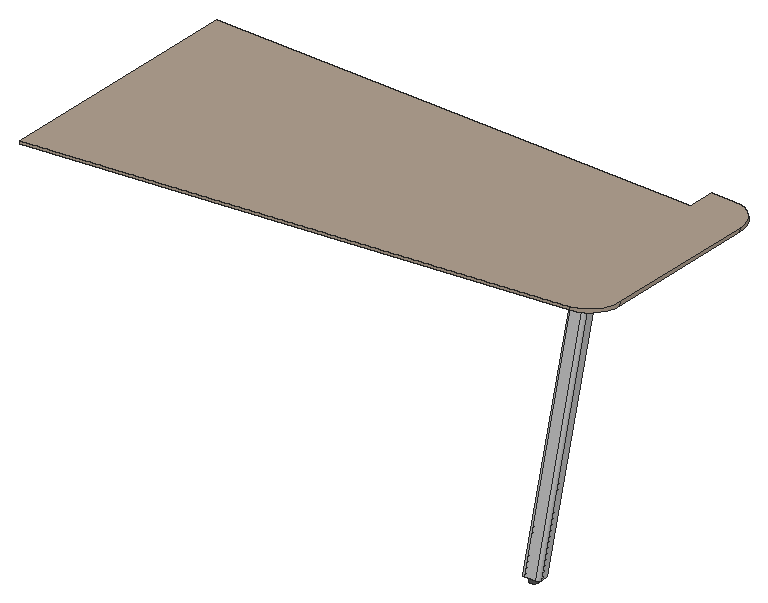
Revit family "Haworth_ActiveComponents_WedgeFullConferenceEnd_BUILD", category Furniture Systems, Revit 2015
Parameters (values of type "28d 60w - 54 Panel Width")
  Worksurface Finish [instance] = Haworth _ Wood _ Light Maple VP-LM
  With Leg = yes
  Width = 60"
  Warranty = "https://www.haworth.com/resources/product-info/warranties"
  URL - Product = "https://www.haworth.com/products/workspaces/accessories/active-components"
  URL = "www.haworth.com"
  Thickness = 1 3/16"  # constant formula
  Surface Angle = if(Actual Depth > 30", 9.00°, 7.00°)  # 7.00°
  Radius = 3 1/2"  # constant formula
  Overhang = Actual Width - Panel Width  # 6"
  Panel Width = 54"
  Overall Depth = Actual Depth + 3"  # 31"
  Min. Width = 60"  # constant formula
  Min. Depth = 28"  # constant formula
  Max. Width = 72"  # constant formula
  Size = "Verify Final Dim. w/ Haworth"  # constant formula
  Revision Number = "1"  # constant formula
  Model = "WAYD"  # constant formula
  Max. Depth = 36"  # constant formula
  Manufacturer = "Haworth"  # constant formula
  Leg Finish [instance] = Haworth _ Paint _ Metallic Champagne
  Inside Radius = 1 1/2"  # constant formula
  Description = "Haworth - Active Components - Wedge Full Conference End"  # constant formula
  Depth = 28"
  Column Leg Offset = if(Actual Width = 72", 8 15/16", 7 15/16")  # 7 15/16"
  Column Leg Control = and(With Leg, not(Angled Leg Control))  # no
  Author = "Haworth (Alias)"  # constant formula
  Assembly Code = "E2020200"
  Angled Leg Offset = 5 3/4"  # constant formula
  Angled Leg Control = and(With Leg, Overhang = 6")  # yes
  Actual Width = if(Width < Min. Width, Min. Width, if(Width > Max. Width, Max. Width, Width))  # 60"
  Actual Height = 29 3/16"  # constant formula
  Actual Depth = if(Depth < Min. Depth, Min. Depth, if(Depth > Max. Depth, Max. Depth, Depth))  # 28"
Types (8): name | Width | Surface Angle | Overhang | Panel Width | Overall Depth | Depth | Column Leg Offset | Column Leg Control | Angled Leg Control | Actual Width | Actual Depth
  36d 72w - 66 Panel Width | 72" | 9.00° | 6" | 66" | 39" | 36" | 8 15/16" | no | yes | 72" | 36"
  30d 72w - 66 Panel Width | 72" | 7.00° | 6" | 66" | 33" | 30" | 8 15/16" | no | yes | 72" | 30"
  28d 60w - 54 Panel Width | 60" | 7.00° | 6" | 54" | 31" | 28" | 7 15/16" | no | yes | 60" | 28"
  34d 60w - 54 Panel Width | 60" | 9.00° | 6" | 54" | 37" | 34" | 7 15/16" | no | yes | 60" | 34"
  36d 72w - 48 Panel Width | 72" | 9.00° | 24" | 48" | 39" | 36" | 8 15/16" | yes | no | 72" | 36"
  34d 60w - 42 Panel Width | 60" | 9.00° | 18" | 42" | 37" | 34" | 7 15/16" | yes | no | 60" | 34"
  30d 72w - 48 Panel Width | 72" | 7.00° | 24" | 48" | 33" | 30" | 8 15/16" | yes | no | 72" | 30"
  28d 60w - 42 Panel Width | 60" | 7.00° | 18" | 42" | 31" | 28" | 7 15/16" | yes | no | 60" | 28"
Reference planes (in)
  plane 1: z = 0
  plane 2 "Center L/R": x = 17.5
  plane 3 "Left Edge": x = -12.5
  plane 4 "Right Panel": x = 41.5
  plane 5 "Support Top": z = 29.1875
  plane 6 "Center F/B": y = -7.86431
  plane 7 "Back": y = 6.13569
  plane 8 "Front": y = -21.86431
  plane 9 "Knife Edge": y = -19.86431
  plane 10 "Knife Edge Seam": z = 28.8125
  plane 11: y = 9.13569
  plane 12 "Right Edge": x = 47.5
  plane 13 "Knife Edge 2": x = 45.5
  plane 14 "Knife Edge Back": y = 7.13569
  plane 15: z = 28
  plane 16: x = -14.5
  plane 17 "Angled Leg": x = 41.75
  plane 18 "Column Leg": x = 39.5625
Forms (in)
  Extrusion 1, solid, material "Haworth _ Wood _ Light Maple VP-LM" <- "Worksurface Finish"
    sketch origin (0, 0, 0) x (1, 0, 0) y (0, 1, 0)
      loop
        line (-12.5, 6.13569) -> (-12.5, -21.86431) -> (44.54752, -14.85976)
        arc (44.54752, -14.85976) -> (46.66142, -13.67591) -> (47.5, -11.40285) r 3.5
        line (47.5, -11.40285) -> (47.5, 5.63569)
        arc (47.5, 5.63569) -> (46.47487, 8.11056) -> (44, 9.13569) r 3.5
        line (44, 9.13569) -> (41.5, 9.13569) -> (41.5, 6.13569) -> (-12.5, 6.13569)
    from 28 to 29.1875
  Sweep 2, void
    path in 3D
      loop
        line (-12.5, -21.86431, 29.1875) -> (44.54752, -14.85976, 29.1875)
        arc (44.54752, -14.85976, 29.1875) -> (46.66142, -13.67591, 29.1875) -> (47.5, -11.40285, 29.1875) r 3.5
        line (47.5, -11.40285, 29.1875) -> (47.5, 5.63569, 29.1875)
        arc (47.5, 5.63569, 29.1875) -> (46.47487, 8.11056, 29.1875) -> (44, 9.13569, 29.1875) r 3.5
        line (44, 9.13569, 29.1875) -> (41.5, 9.13569, 29.1875)
    profile origin (42.75, 9.13569, 29.1875) x (0, -1, 0) y (0, 0, 1)
      loop
        line (0, -0.375) -> (0, -1.1875) -> (2, -1.1875) -> (0, -0.375)
Cuts and joins
  Sweep 2 cuts Extrusion 1
Lines and regions (in)
  Masking region 1
    outline origin (0, 0, 0) x (1, 0, 0) y (0, 1, 0)
      loop
        line (44, 9.13569) -> (41.5, 9.13569) -> (41.5, 6.13569) -> (-12.5, 6.13569) -> (-12.5, -21.86431) -> (44.59137, -14.85437)
        arc (44.59137, -14.85437) -> (46.6758, -13.66082) -> (47.5, -11.40469) r 3.5
        line (47.5, -11.40469) -> (47.5, 5.63569)
        arc (47.5, 5.63569) -> (46.47487, 8.11056) -> (44, 9.13569) r 3.5
  sketch lines
    curve 1: line (44, 9.13569, 29.1875) -> (41.5, 9.13569, 29.1875)
    curve 2: arc (44, 9.13569, 29.1875) -> (46.47487, 8.11056, 29.1875) -> (47.5, 5.63569, 29.1875) r 3.5
    curve 3: line (47.5, -11.40285, 29.1875) -> (47.5, 5.63569, 29.1875)
    curve 4: arc (47.5, -11.40285, 29.1875) -> (46.66142, -13.67591, 29.1875) -> (44.54752, -14.85976, 29.1875) r 3.5
    curve 5: line (-12.5, -21.86431, 29.1875) -> (44.54752, -14.85976, 29.1875)
Dimensions and locks (in)
  equal spacing: plane 8 "Front", plane 6 "Center F/B", plane 7 "Back"
  "Actual Depth": plane 8 "Front" to plane 7 "Back"
  locked: plane 5 "Support Top" to plane 10 "Knife Edge Seam" at 0.375
  "Overall Depth": plane 11 to plane 8 "Front"
  "Actual Width": plane 3 "Left Edge" to plane 12 "Right Edge"
  locked: plane 13 "Knife Edge 2" to plane 12 "Right Edge" at 2
  locked: plane 8 "Front" to plane 9 "Knife Edge" at 2
  equal spacing: plane 3 "Left Edge", plane 2 "Center L/R", plane 12 "Right Edge"
  "Panel Width": plane 3 "Left Edge" to plane 4 "Right Panel"
  locked: plane 11 to plane 14 "Knife Edge Back" at 2
  "Actual Height": plane 5 "Support Top" to plane 1
  "Thickness": plane 15 to plane 5 "Support Top"
  locked: plane 16 to plane 3 "Left Edge" at 2
  "Column Leg Offset": plane 18 "Column Leg" to plane 12 "Right Edge"
  "Angled Leg Offset": plane 17 "Angled Leg" to plane 12 "Right Edge"
  "Radius": radius of Extrusion 1 sketch curve  (x2)
  "Radius": radius of Masking region 1 sketch curve  (x2)
  "Surface Angle": angle plane 8 "Front" to Masking region 1 sketch curve
  "Surface Angle": angle plane 8 "Front" to Extrusion 1 sketch curve
  aligned and locked: Extrusion 1 sketch curve to plane 7 "Back"
  aligned and locked: Extrusion 1 sketch curve to plane 12 "Right Edge"
  aligned and locked: Extrusion 1 sketch curve to plane 11
  aligned and locked: Extrusion 1 sketch curve to plane 4 "Right Panel"
  aligned and locked: plane 3 "Left Edge" to Masking region 1 sketch curve
  aligned and locked: plane 7 "Back" to Masking region 1 sketch curve
  aligned and locked: Masking region 1 sketch curve to plane 4 "Right Panel"
  aligned and locked: plane 11 to Masking region 1 sketch curve
  aligned and locked: plane 12 "Right Edge" to Masking region 1 sketch curve
  aligned and locked: plane 3 "Left Edge" to Extrusion 1 sketch curve
  aligned and locked: plane 8 "Front" to Extrusion 1 sketch curve
  aligned and locked: plane 8 "Front" to Masking region 1 sketch curve
  aligned and locked: plane 5 "Support Top" to Extrusion 1
  aligned and locked: plane 15 to Extrusion 1
  aligned and locked: plane 11 to Sweep 2 sketch curve
  aligned and locked: plane 15 to Sweep 2 sketch curve
  aligned and locked: plane 10 "Knife Edge Seam" to Sweep 2 sketch curve
  aligned and locked: plane 14 "Knife Edge Back" to Sweep 2 sketch curve
  aligned and locked: plane 1 to nested 1
  aligned and locked: plane 1 to nested 2
  aligned and locked: nested 2 to plane 18 "Column Leg"
  aligned and locked: nested 1 to plane 17 "Angled Leg"
  aligned and locked: nested 1 to plane 6 "Center F/B"
  aligned and locked: plane 6 "Center F/B" to nested 2
Automatic sketch dimensions
  plane 13 "Knife Edge 2" to Masking region 1 sketch curve = 0.90863"
  plane 13 "Knife Edge 2" to Extrusion 1 sketch curve = 0.95248"
Nested families (in)
  nested 1: "Haworth_ActiveComponents_AngledLeg_BUILD" at (40.75, -15.80012, 0), visible <- "Angled Leg Control", type "Angled Leg"
  nested 2: "Haworth_ActiveComponents_ColumnLeg_BUILD" at (38.46875, -7.86431, 0) x (0, 1, 0) z (0, 0, 1), visible <- "Column Leg Control", type "Column Leg"
Definition of nested family "Haworth_ActiveComponents_AngledLeg_BUILD"
  Parameters (values of type "Angled Leg")
    Warranty = "https://www.haworth.com/resources/product-info/warranties"
    URL - Product = "https://www.haworth.com/products/workspaces/accessories/active-components"
    URL = "www.haworth.com"
    Trim Finish = none
    Revision = "1"  # constant formula
    Note = "Verify Final Dim. w/ Haworth"  # constant formula
    Model = "Haworth Active Components"  # constant formula
    Manufacturer = "Haworth"  # constant formula
    Leg Height = 28"  # constant formula
    Glide Finish = none
    Description = "Haworth Active Components - Angled Leg"  # constant formula
    Author = "Haworth (Alias)"  # constant formula
    Assembly Code = ""
  Reference planes (in)
    plane 1 "Front": y = 0
    plane 2 "Bottom": z = 0
    plane 3 "Center (Left/Right)": x = 0
    plane 4 "Glide End": z = 0.5
    plane 5 "Right": x = 1
    plane 6 "Left": x = -1
    plane 7: z = 28
    plane 8 "Back": y = 11.0625
    plane 9: z = 28
    plane 10: z = 27.764
    plane 11 "Top Middle": y = 7.93581
  Forms (in)
    Extrusion 1, solid, material <- "Glide Finish"
      sketch origin (0, 0, 0) x (1, 0, 0) y (0, 1, 0)
        loop
          circle (0, 0.625) r 0.5
      from 0 to 0.5
    Blend 2, solid, material <- "Trim Finish"
      base sketch origin (0, 0, 0) x (1, 0, 0) y (0, 1, 0)
        loop
          line (-0.625, 0) -> (0.625, 0)
          arc (0.625, 0) -> (0.89017, 0.10983) -> (1, 0.375) r 0.375
          line (1, 0.375) -> (1, 1.1875) -> (-1, 1.1875) -> (-1, 0.375)
          arc (-1, 0.375) -> (-0.89017, 0.10983) -> (-0.625, 0) r 0.375
      top sketch origin (0, 0, 0) x (1, 0, 0) y (0, 1, 0)
        loop
          line (-1, 8.52956) -> (-1, 7.71706)
          arc (-1, 7.71706) -> (-0.89017, 7.45189) -> (-0.625, 7.34206) r 0.375
          line (-0.625, 7.34206) -> (0.625, 7.34206)
          arc (0.625, 7.34206) -> (0.89017, 7.45189) -> (1, 7.71706) r 0.375
          line (1, 7.71706) -> (1, 8.52956) -> (-1, 8.52956)
      from 0.5 to 27.764
    Extrusion 3, solid, material <- "Trim Finish"
      sketch origin (0, 0, 0) x (1, 0, 0) y (0, 1, 0)
        loop
          arc (-3.39, 11.0625) -> (-3.65517, 10.95267) -> (-3.765, 10.6875) r 0.375
          line (-3.765, 10.6875) -> (-3.765, 7.43264)
          arc (-3.765, 7.43264) -> (-3.65517, 7.16748) -> (-3.39, 7.05764) r 0.375
          line (-3.39, 7.05764) -> (0.86, 7.05764)
          arc (0.86, 7.05764) -> (1.12517, 7.16748) -> (1.235, 7.43264) r 0.375
          line (1.235, 7.43264) -> (1.235, 10.6875)
          arc (1.235, 10.6875) -> (1.12517, 10.95267) -> (0.86, 11.0625) r 0.375
          line (0.86, 11.0625) -> (-3.39, 11.0625)
      from 27.764 to 28
  Lines and regions (in)
    Masking region 1, detail levels medium+fine
      outline origin (0, 0, 0) x (1, 0, 0) y (0, 1, 0)
        loop
          arc (-0.985, 0.40547) -> (-0.87035, 0.1231) -> (-0.5913, 0.00058) r 0.40505
          line (-0.5913, 0.00058) -> (0.57004, 0.00058)
          arc (0.57004, 0.00058) -> (0.86642, 0.1119) -> (0.985, 0.40544) r 0.39368
          line (0.985, 0.40544) -> (0.985, 8.52956) -> (-0.985, 8.52956) -> (-0.985, 0.40547)
    symbolic lines, detail levels medium+fine
      curve 1: line (-3.39, 7.05764, 0) -> (0.86, 7.05764, 0)
      curve 2: arc (0.86, 7.05764, 0) -> (1.12517, 7.16748, 0) -> (1.235, 7.43264, 0) r 0.375
      curve 3: line (1.235, 7.43264, 0) -> (1.235, 10.6875, 0)
      curve 4: arc (1.235, 10.6875, 0) -> (1.12517, 10.95267, 0) -> (0.86, 11.0625, 0) r 0.375
      curve 5: line (0.86, 11.0625, 0) -> (-3.39, 11.0625, 0)
      curve 6: arc (-3.39, 11.0625, 0) -> (-3.65517, 10.95267, 0) -> (-3.765, 10.6875, 0) r 0.375
      curve 7: line (-3.765, 10.6875, 0) -> (-3.765, 7.43264, 0)
      curve 8: arc (-3.765, 7.43264, 0) -> (-3.65517, 7.16748, 0) -> (-3.39, 7.05764, 0) r 0.375
  Dimensions and locks (in)
    level to plane 4 "Glide End" = 1/2"
    locked: plane 4 "Glide End" to plane 2 "Bottom" at 0.5
    "Leg Height": plane 7 to plane 2 "Bottom"
    equal spacing: plane 6 "Left", plane 3 "Center (Left/Right)", plane 5 "Right"
    locked: plane 6 "Left" to plane 5 "Right" at 2
    locked: plane 1 "Front" to plane 8 "Back" at 11.0625
    locked: plane 1 "Front" to Extrusion 1 sketch curve at 0.625
    locked: Blend 2 sketch curve to plane 1 "Front" at 1.1875
    locked: Blend 2 sketch curve to plane 8 "Back" at 2.53294
    locked: Blend 2 sketch curve to Blend 2 sketch curve at 1.1875
    locked: plane 9 to plane 10 at 0.236
    locked: Extrusion 3 sketch curve to Extrusion 3 sketch curve at 4.00486
    locked: plane 5 "Right" to Extrusion 3 sketch curve at 0.235
    locked: Extrusion 3 sketch curve to plane 6 "Left" at 2.765
    aligned and locked: Extrusion 1 to plane 2 "Bottom"
    aligned and locked: Extrusion 1 to plane 4 "Glide End"
    aligned and locked: plane 5 "Right" to Blend 2 sketch curve
    aligned and locked: plane 6 "Left" to Blend 2 sketch curve
    aligned and locked: Blend 2 sketch curve to plane 6 "Left"
    aligned and locked: Blend 2 sketch curve to plane 5 "Right"
    aligned and locked: plane 4 "Glide End" to Blend 2
    aligned and locked: plane 3 "Center (Left/Right)" to Extrusion 1 sketch curve
    aligned and locked: plane 1 "Front" to Blend 2 sketch curve
    aligned and locked: plane 10 to Blend 2
    aligned and locked: Extrusion 3 sketch curve to plane 8 "Back"
    aligned and locked: plane 9 to Extrusion 3
    aligned and locked: Extrusion 3 to plane 10
  Automatic sketch dimensions
    Blend 2 sketch curve to plane 6 "Left" = 3/8"  (x2)
    Blend 2 sketch curve to plane 5 "Right" = 3/8"  (x2)
    Extrusion 3 sketch curve to Extrusion 3 sketch curve = 3/8"
    Extrusion 3 sketch curve to plane 8 "Back" = 3/8"
    Extrusion 3 sketch curve to plane 5 "Right" = 0.14"  (x2)
    Masking region 1 sketch curve to plane 6 "Left" = 0.015"
    Masking region 1 sketch curve to plane 1 "Front" = 0.00058"
    Masking region 1 sketch curve to plane 6 "Left" = 0.4087"
    Masking region 1 sketch curve to Masking region 1 sketch curve = 0.40505"
    Masking region 1 sketch curve to plane 5 "Right" = 0.42996"
    Masking region 1 sketch curve to Masking region 1 sketch curve = 0.02145"
    Masking region 1 sketch curve to plane 5 "Right" = 0.015"
    Masking region 1 sketch curve to plane 1 "Front" = 0.39368"
    Masking region 1 sketch curve to plane 11 "Top Middle" = 19/32"
    curve 6 to plane 8 "Back" = 0"
    curve 7 to plane 8 "Back" = 3/8"
    plane 6 "Left" to curve 7 = 2.765"
    curve 7 to curve 8 = 3/8"
    curve 1 to plane 5 "Right" = 0.14"
    curve 4 to plane 5 "Right" = 0.14"
    plane 5 "Right" to curve 3 = 0.235"
    plane 11 "Top Middle" to curve 2 = 0.50317"
    radius of Extrusion 1 sketch curve = 1/2"
Definition of nested family "Haworth_ActiveComponents_ColumnLeg_BUILD"
  Parameters (values of type "Column Leg")
    Warranty = "https://www.haworth.com/resources/product-info/warranties"
    URL - Product = "https://www.haworth.com/products/workspaces/accessories/active-components"
    URL = "www.haworth.com"
    Trim Finish = none
    Revision = "1"  # constant formula
    Note = "Verify Final Dim. w/ Haworth"  # constant formula
    Model = "Haworth Active Components"  # constant formula
    Manufacturer = "Haworth"  # constant formula
    Leg Height = 28"  # constant formula
    Glide Finish = none
    Description = "Haworth Active Components - Column Leg"  # constant formula
    Author = "Haworth (Alias)"  # constant formula
    Assembly Code = ""
  Reference planes (in)
    plane 1 "Center (Front/Back)": y = 0
    plane 2 "Bottom": z = 0
    plane 3 "Center (Left/Right)": x = 0
    plane 4: z = 0.5
    plane 5 "Right": x = 0.6875
    plane 6 "Left": x = -0.6875
    plane 7 "Back": y = 1.09375
    plane 8 "Front": y = -1.09375
    plane 9: z = 28
    plane 10: z = 27.8125
  Forms (in)
    Extrusion 1, solid, material <- "Trim Finish"
      sketch origin (0, 0, 2.5625) x (-1, 0, 0) y (0, -1, 0)
        loop
          arc (0.3125, -1.09375) -> (0.57767, -0.98392) -> (0.6875, -0.71875) r 0.375
          line (0.6875, -0.71875) -> (0.6875, 0.71875)
          arc (0.6875, 0.71875) -> (0.57767, 0.98392) -> (0.3125, 1.09375) r 0.375
          line (0.3125, 1.09375) -> (-0.3125, 1.09375)
          arc (-0.3125, 1.09375) -> (-0.57767, 0.98392) -> (-0.6875, 0.71875) r 0.375
          line (-0.6875, 0.71875) -> (-0.6875, -0.71875)
          arc (-0.6875, -0.71875) -> (-0.57767, -0.98392) -> (-0.3125, -1.09375) r 0.375
          line (-0.3125, -1.09375) -> (0.3125, -1.09375)
      from -2.0625 to 25.25
    Extrusion 2, solid, material <- "Glide Finish"
      sketch origin (0, 0, 0) x (1, 0, 0) y (0, 1, 0)
        loop
          circle (0, 0) r 0.53553
      from 0 to 0.5
    Extrusion 3, solid, material <- "Trim Finish"
      sketch origin (0, 0, 0) x (1, 0, 0) y (0, 1, 0)
        loop
          arc (-2.625, 3) -> (-2.89017, 2.89017) -> (-3, 2.625) r 0.375
          line (-3, 2.625) -> (-3, -2.625)
          arc (-3, -2.625) -> (-2.89017, -2.89017) -> (-2.625, -3) r 0.375
          line (-2.625, -3) -> (2.625, -3)
          arc (2.625, -3) -> (2.89017, -2.89017) -> (3, -2.625) r 0.375
          line (3, -2.625) -> (3, 2.625)
          arc (3, 2.625) -> (2.89017, 2.89017) -> (2.625, 3) r 0.375
          line (2.625, 3) -> (-2.625, 3)
      from 27.8125 to 28
  Lines and regions (in)
    Masking region 1, detail levels medium+fine
      outline origin (0, 0, 0) x (1, 0, 0) y (0, 1, 0)
        loop
          arc (-0.3125, 1.09375) -> (-0.57767, 0.98392) -> (-0.6875, 0.71875) r 0.375
          line (-0.6875, 0.71875) -> (-0.6875, -0.71875)
          arc (-0.6875, -0.71875) -> (-0.57767, -0.98392) -> (-0.3125, -1.09375) r 0.375
          line (-0.3125, -1.09375) -> (0.3125, -1.09375)
          arc (0.3125, -1.09375) -> (0.57767, -0.98392) -> (0.6875, -0.71875) r 0.375
          line (0.6875, -0.71875) -> (0.6875, 0.71875)
          arc (0.6875, 0.71875) -> (0.57767, 0.98392) -> (0.3125, 1.09375) r 0.375
          line (0.3125, 1.09375) -> (-0.3125, 1.09375)
    symbolic lines, detail levels medium+fine
      curve 1: line (2.625, 3, 0) -> (-2.625, 3, 0)
      curve 2: arc (-2.625, 3, 0) -> (-2.89017, 2.89017, 0) -> (-3, 2.625, 0) r 0.375
      curve 3: line (-3, 2.625, 0) -> (-3, -2.625, 0)
      curve 4: arc (-3, -2.625, 0) -> (-2.89017, -2.89017, 0) -> (-2.625, -3, 0) r 0.375
      curve 5: line (-2.625, -3, 0) -> (2.625, -3, 0)
      curve 6: arc (2.625, -3, 0) -> (2.89017, -2.89017, 0) -> (3, -2.625, 0) r 0.375
      curve 7: line (3, -2.625, 0) -> (3, 2.625, 0)
      curve 8: arc (3, 2.625, 0) -> (2.89017, 2.89017, 0) -> (2.625, 3, 0) r 0.375
  Dimensions and locks (in)
    level to plane 4 = 1/2"
    locked: plane 4 to plane 2 "Bottom" at 0.5
    equal spacing: plane 6 "Left", plane 3 "Center (Left/Right)", plane 5 "Right"
    locked: plane 6 "Left" to plane 5 "Right" at 1.375
    equal spacing: plane 8 "Front", plane 1 "Center (Front/Back)", plane 7 "Back"
    locked: plane 7 "Back" to plane 8 "Front" at 2.1875
    "Leg Height": plane 9 to plane 2 "Bottom"
    locked: plane 9 to plane 10 at 0.1875
    locked: plane 3 "Center (Left/Right)" to Extrusion 3 sketch curve at 3
    locked: Extrusion 3 sketch curve to plane 3 "Center (Left/Right)" at 3
    locked: Extrusion 3 sketch curve to plane 1 "Center (Front/Back)" at 3
    locked: plane 1 "Center (Front/Back)" to Extrusion 3 sketch curve at 3
    aligned and locked: Extrusion 2 to plane 2 "Bottom"
    aligned and locked: Extrusion 2 to plane 4
    aligned and locked: plane 4 to Extrusion 1
    aligned and locked: plane 1 "Center (Front/Back)" to Extrusion 2 sketch curve
    aligned and locked: plane 3 "Center (Left/Right)" to Extrusion 2 sketch curve
    aligned and locked: Extrusion 1 sketch curve to plane 5 "Right"
    aligned and locked: Extrusion 1 sketch curve to plane 6 "Left"
    aligned and locked: Extrusion 1 sketch curve to plane 7 "Back"
    aligned and locked: Extrusion 1 sketch curve to plane 8 "Front"
    aligned and locked: Masking region 1 sketch curve to plane 5 "Right"
    aligned and locked: Masking region 1 sketch curve to plane 7 "Back"
    aligned and locked: Masking region 1 sketch curve to plane 6 "Left"
    aligned and locked: Masking region 1 sketch curve to plane 8 "Front"
    aligned and locked: plane 10 to Extrusion 1
    aligned and locked: plane 9 to Extrusion 3
    aligned and locked: Extrusion 3 to plane 10
  Automatic sketch dimensions
    plane 3 "Center (Left/Right)" to Extrusion 1 sketch curve = 5/16"  (x2)
    Extrusion 1 sketch curve to plane 3 "Center (Left/Right)" = 5/16"  (x2)
    Masking region 1 sketch curve to plane 3 "Center (Left/Right)" = 5/16"  (x2)
    plane 3 "Center (Left/Right)" to Masking region 1 sketch curve = 5/16"  (x2)
    Extrusion 3 sketch curve to Extrusion 3 sketch curve = 3/8"  (x3)
    plane 5 "Right" to Extrusion 3 sketch curve = 1 15/16"
    plane 6 "Left" to curve 3 = 2 5/16"
    curve 3 to curve 5 = 3/8"
    curve 2 to curve 1 = 3/8"
    plane 5 "Right" to curve 1 = 1 15/16"
    plane 5 "Right" to curve 5 = 1 15/16"
    curve 8 to curve 7 = 3/8"
    plane 8 "Front" to curve 5 = 1 29/32"
    plane 7 "Back" to curve 2 = 1 17/32"
    radius of Extrusion 2 sketch curve = 0.53553"
